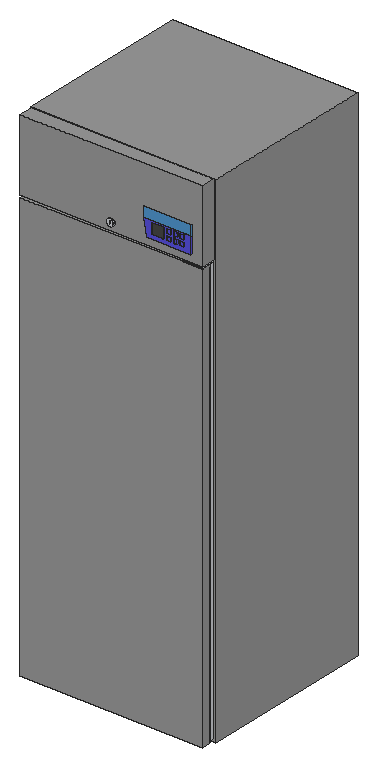
Revit family "Kühlschrank-Tiefkühlung Einfahr - Eigen", category Sonderausstattung, Revit 2015
Parameters (values of type "BR 710 - 770 x 800 x 2100")
  Öffnungssymbol Grundriss [instance] = yes
  Zubehör = ""
  Watt = 450 W
  Wandstärke Oben = 85 mm  # constant formula
  Türen Stärke = 40 mm  # constant formula
  Türen Höhe = Korpus Höhe - Kopfteil Verlängerung - Türabstand Unten - Türabstand Oben  # 1785 mm
  Türen Breite = Breite - Türabstand Rechts - Türabstand Links  # 760 mm
  Türen Anzahl = 1  # constant formula
  Türabstand Rechts = 5 mm  # constant formula
  Türabstand Oben = 10 mm  # constant formula
  Türabstand Links = 5 mm  # constant formula
  Türabstand Unten = 5 mm  # constant formula
  Tür offen [instance] = no
  Tiefe [instance] = Korpus Tiefe + Kopfteil Tiefe  # 800 mm
  Temp. Bereich = "-15°C bis -22°C"
  Spannung = 230 V
  Sockelhöhe = 0 mm  # constant formula
  Wandstärke Seiten = 80 mm  # constant formula
  Scheinleistung = 0 VA
  Wandstärke Hinten = 60 mm  # constant formula
  Pole = 1
  Netzkabellänge = 2500 mm
  Material = Edelstahl AISI 304
  Kältemittel = "R290"
  Kälteleistung = "560W bei -30°C VT/+32°C UT"
  Korpus Tiefe = 740 mm  # constant formula
  Korpus Höhe = 1800 mm  # constant formula
  Kopfteil Verlängerung = 0 mm  # constant formula
  Kopfteil Tiefe = 60 mm  # constant formula
  Kopfteil Höhe = 300 mm  # constant formula
  Kapazität = "720 l"
  Höhe [instance] = Kopfteil Höhe + Korpus Höhe  # 2100 mm
  Hersteller = "CoolCompact"
  Füße Abstand Vorne = 55 mm  # constant formula
  Füße Abstand Seiten = 55 mm  # constant formula
  Füße Abstand Hinten = 55 mm  # constant formula
  Energieverbrauch = "7,8 kWh/24h"
  Energieeffizienzklasse = "F"
  Elektroanschluss Höhe = 1900 mm
  Elektroanschluss Abstand Seite = 250 mm
  Dichtung Stärke = 20 mm  # constant formula
  Breite = 770 mm  # constant formula
  Artikelnr. = "HKMTE71-01"
Reference planes
  plane 1 "Mitte (Vorne/Hinten)": y = 0
  plane 2: z = 0
  plane 3 "Mitte (Links/Rechts)": x = 0
  plane 4 "Wand Innen Links": x = -305
  plane 5: x = -385
  plane 6 "Wand Innen Hinten": y = -60
  plane 7 "Korpus Vorne": y = -740
  plane 8 "Dichtung": y = -760
  plane 9 "Korpus unten": z = 0
  plane 10 "Korpus oben": z = 1800
  plane 11 "Tür Vorderkante": y = -800
  plane 12 "oben": z = 2100
  plane 13 "Wand Innen Rechts": x = 305
  plane 14 "Wand Innen Oben": z = 1715
  plane 15: x = 385
  plane 16 "Tür Oben OK": z = 1790
  plane 17 "Kopfteil Abdeckung unten": z = 1800
  plane 18 "Kopfteil Abdeckung links": x = -380
  plane 19 "Kopfteil Abdeckung rechts": x = 380
  plane 20 "Elektro Höhe": z = 1900
  plane 21 "Elektro Versatz": x = 135
  plane 22 "Schloss": z = 1833
  plane 23 "Display rechts Abstand": x = 334
  plane 24 "Display UK": z = 1830
  plane 25 "Tür Unten Horizontal": z = 897.5
  plane 26 "Display 2 Rechts": x = -100
  plane 27 "Tür Unten UK": z = 5
  plane 28: x = -380
  plane 29: x = 380
  plane 30: x = -330
  plane 31: x = 330
  plane 32: y = -55
  plane 33: y = -685
  plane 34 "Kopfteil Vorne": y = -800
Forms (mm)
  Extrusion 1, solid, material "Edelstahl AISI 304" <- "Material", detail levels medium+fine
    sketch origin (5, 0, 0) x (-1, 0, 0) y (0, -1, 0)
      loop
        line (390, 0) -> (390, 740) -> (-380, 740) -> (-380, 0) -> (390, 0)
    from 2100 to 0
  Extrusion 2, solid, material "Edelstahl AISI 304" <- "Material", detail levels medium+fine
    sketch origin (920.024, 257.913, 0) x (-1, 0, 0) y (0, -1, 0)
      loop
        line (1300.024, 1057.913) -> (540.024, 1057.913) -> (540.024, 997.913) -> (1300.024, 997.913) -> (1300.024, 1057.913)
    from 2100 to 1800
  Extrusion 3, solid, not visible
    sketch origin (0, 0, 0) x (1, 0, 0) y (0, 0, 1)
      loop
        circle (135, 1900) r 20
    from 0 to -1.8
  Extrusion 4, solid, detail levels fine
    sketch origin (0, -800, 0) x (1, 0, 0) y (0, 0, 1)
      loop
        circle (0, 1833) r 14
    from 6 to 0
  Extrusion 5, void
    sketch origin (0, 0, 0) x (1, 0, 0) y (0, 0, 1)
      loop
        line (-1.586, 1839.621) -> (-1.586, 1826.179) -> (1.653, 1826.179) -> (1.653, 1839.621) -> (-1.586, 1839.621)
    from 806 to 800
  Extrusion 6, solid, material "Edelstahl AISI 304" <- "Material", detail levels coarse
    sketch origin (0, 0, 0) x (-1, 0, 0) y (0, -1, 0)
      loop
        line (385, 0) -> (385, 800) -> (-385, 800) -> (-385, 0) -> (385, 0)
    from 2100 to 0
  Extrusion 7, void
    sketch origin (0, 0, 0) x (0, 1, 0) y (0, 0, 1)
      loop
        line (-740, 1715) -> (-740, 0) -> (-60, 0) -> (-60, 1715) -> (-740, 1715)
    from 305 to -305
Cuts and joins
  Extrusion 5, Extrusion 7 cuts Extrusion 1
  Extrusion 5 cuts Extrusion 4
Dimensions and locks
  "Wandstärke Hinten": plane 6 "Wand Innen Hinten" to plane 1 "Mitte (Vorne/Hinten)"
  "Dichtung Stärke": plane 7 "Korpus Vorne" to plane 8 "Dichtung"
  "Korpus Tiefe": plane 7 "Korpus Vorne" to plane 1 "Mitte (Vorne/Hinten)"
  "Wandstärke Seiten": plane 4 "Wand Innen Links" to plane 5
  "Korpus Höhe": plane 10 "Korpus oben" to plane 9 "Korpus unten"
  "Sockelhöhe": plane 9 "Korpus unten" to level
  "Wandstärke Oben": plane 10 "Korpus oben" to plane 14 "Wand Innen Oben"
  "Wandstärke Seiten": plane 15 to plane 13 "Wand Innen Rechts"
  equal spacing: plane 15, plane 3 "Mitte (Links/Rechts)", plane 5
  "Breite": plane 15 to plane 5
  "Kopfteil Höhe": plane 12 "oben" to plane 10 "Korpus oben"
  "Türen Stärke": plane 8 "Dichtung" to plane 11 "Tür Vorderkante"
  locked: plane 15 to plane 19 "Kopfteil Abdeckung rechts" at 5
  locked: plane 18 "Kopfteil Abdeckung links" to plane 5 at 5
  "Elektroanschluss Abstand Seite": plane 15 to plane 21 "Elektro Versatz"
  "Elektroanschluss Höhe": plane 20 "Elektro Höhe" to level
  "Kopfteil Verlängerung": plane 10 "Korpus oben" to plane 17 "Kopfteil Abdeckung unten"
  locked: plane 15 to plane 23 "Display rechts Abstand" at 51
  plane 24 "Display UK" to plane 17 "Kopfteil Abdeckung unten" = 30 mm
  locked: plane 3 "Mitte (Links/Rechts)" to plane 26 "Display 2 Rechts" at 100
  "Türabstand Oben": plane 17 "Kopfteil Abdeckung unten" to plane 16 "Tür Oben OK"
  locked: plane 22 "Schloss" to plane 17 "Kopfteil Abdeckung unten" at 33
  "Türabstand Unten": plane 27 "Tür Unten UK" to plane 9 "Korpus unten"
  equal spacing: plane 16 "Tür Oben OK", plane 25 "Tür Unten Horizontal", plane 27 "Tür Unten UK"
  "Türabstand Links": plane 5 to plane 28
  "Türabstand Rechts": plane 29 to plane 15
  "Füße Abstand Seiten": plane 31 to plane 15
  "Füße Abstand Seiten": plane 5 to plane 30
  "Füße Abstand Hinten": plane 32 to plane 1 "Mitte (Vorne/Hinten)"
  "Füße Abstand Vorne": plane 7 "Korpus Vorne" to plane 33
  "Kopfteil Tiefe": plane 7 "Korpus Vorne" to plane 34 "Kopfteil Vorne"
  aligned and locked: level to plane 2
  aligned and locked: Extrusion 1 to plane 5
  aligned and locked: plane 15 to Extrusion 1
  aligned and locked: plane 12 "oben" to Extrusion 2
  aligned and locked: plane 12 "oben" to Extrusion 1
  aligned and locked: cut or joined group of Extrusion 1, Extrusion 5, Extrusion 7 to plane 9 "Korpus unten"
  aligned and locked: plane 19 "Kopfteil Abdeckung rechts" to Extrusion 2
  aligned and locked: Extrusion 2 to plane 18 "Kopfteil Abdeckung links"
  aligned and locked: plane 7 "Korpus Vorne" to Extrusion 2 sketch curve
  aligned and locked: Extrusion 4 to Extrusion 2
  aligned and locked: Extrusion 4 to Extrusion 5  (x2)
  aligned and locked: plane 23 "Display rechts Abstand" to nested 1
  aligned and locked: Extrusion 2 to plane 17 "Kopfteil Abdeckung unten"
  aligned and locked: plane 12 "oben" to Extrusion 6
  aligned and locked: plane 3 "Mitte (Links/Rechts)" to nested 2
  aligned and locked: nested 2 to plane 7 "Korpus Vorne"
  aligned and locked: plane 14 "Wand Innen Oben" to Extrusion 7 sketch curve
  aligned and locked: Extrusion 7 sketch curve to plane 6 "Wand Innen Hinten"
  aligned and locked: plane 7 "Korpus Vorne" to Extrusion 7 sketch curve
  aligned and locked: plane 13 "Wand Innen Rechts" to Extrusion 7
  aligned and locked: Extrusion 7 to plane 4 "Wand Innen Links"
  aligned and locked: nested 1 to plane 24 "Display UK"
  aligned and locked: nested 2 to plane 27 "Tür Unten UK"
  aligned and locked: plane 11 "Tür Vorderkante" to Extrusion 6 sketch curve
  aligned and locked: plane 34 "Kopfteil Vorne" to nested 1
  aligned and locked: plane 9 "Korpus unten" to Extrusion 7 sketch curve
Automatic sketch dimensions
  Extrusion 3 sketch curve to plane 20 "Elektro Höhe" = 0 mm
  plane 1 "Mitte (Vorne/Hinten)" to Extrusion 1 sketch curve = 0 mm
  Extrusion 1 sketch curve to plane 15 = 0 mm
  Extrusion 1 sketch curve to plane 5 = 0 mm
  Extrusion 1 sketch curve to plane 7 "Korpus Vorne" = 0 mm
  Extrusion 2 sketch curve to plane 19 "Kopfteil Abdeckung rechts" = 0 mm
  Extrusion 2 sketch curve to plane 18 "Kopfteil Abdeckung links" = 0 mm
  Extrusion 5 sketch curve to plane 3 "Mitte (Links/Rechts)" = 1.586 mm
  plane 3 "Mitte (Links/Rechts)" to Extrusion 5 sketch curve = 1.653 mm
  Extrusion 5 sketch curve to plane 22 "Schloss" = 6.821 mm
  plane 22 "Schloss" to Extrusion 5 sketch curve = 6.621 mm
  plane 1 "Mitte (Vorne/Hinten)" to Extrusion 6 sketch curve = 0 mm
  Extrusion 6 sketch curve to plane 15 = 0 mm
  Extrusion 6 sketch curve to plane 5 = 0 mm
  Extrusion 3 sketch curve to plane 21 "Elektro Versatz" = 0 mm
  Extrusion 2 sketch curve to plane 11 "Tür Vorderkante" = 0 mm
  Extrusion 4 sketch curve to plane 3 "Mitte (Links/Rechts)" = 0 mm
  Extrusion 4 sketch curve to plane 22 "Schloss" = 0 mm
  radius of Extrusion 3 sketch curve = 20 mm
  radius of Extrusion 4 sketch curve = 14 mm
Nested families
  nested 1: "Display" at (334, -800, 1830), type "Display", detail levels fine
  nested 2: "Tür einfach" at (0, -740, 5), Tür Breite <- "Türen Breite", Tür Höhe <- "Türen Höhe", Öffnungssymbol Grundriss <- "Öffnungssymbol Grundriss", type "Tür einfach"
    with Öffnungssymbol Grundriss yes, Tür Höhe 1785 mm, Tür Breite 760 mm, Tür offen no, Tür geschlossen yes, Tür Stärke 40 mm, Dichtung Stärke 20 mm
Connectors
  electrical at (135, 1.8, 1900), driven by "Spannung", driven by "Scheinleistung", driven by "Pole"
    settings: on Extrusion 3, index 2, voltage 230 V, apparent load 0 VA, apparent load phase1 0 VA, apparent load phase2 0 VA, apparent load phase3 0 VA, power factor 1, load classification "Sonstige", number of poles 1, system type 31, power factor state 1, is connector primary yes, connector utility no, sub classification motor no, connector description ""
Definition of nested family "Display"
  Reference planes
    plane 1 "Mitte (Vorne/Hinten)": y = 0
    plane 2: z = 0
    plane 3 "Mitte (Links/Rechts)": x = 0
  Forms (mm)
    Extrusion 1, solid
      sketch origin (-997.074, 0, -2442.088) x (-1, 0, 0) y (0, 0, 1)
        loop
          line (-800.829, 2512.088) -> (-997.074, 2512.088) -> (-997.074, 2442.088) -> (-813.204, 2442.088)
          arc (-813.204, 2442.088) -> (-805.589, 2476.836) -> (-800.829, 2512.088) r 436.498
        loop
          line (-833.924, 2502.938) -> (-881.624, 2502.938) -> (-881.624, 2460.238) -> (-833.924, 2460.238) -> (-833.924, 2502.938)
        loop
          line (-897.474, 2503.338) -> (-913.474, 2503.338) -> (-913.474, 2486.338) -> (-897.474, 2486.338) -> (-897.474, 2503.338)
        loop
          line (-923.474, 2503.338) -> (-940.474, 2503.338) -> (-940.474, 2486.338) -> (-923.474, 2486.338) -> (-923.474, 2503.338)
        loop
          line (-949.974, 2503.338) -> (-966.974, 2503.338) -> (-966.974, 2486.338) -> (-949.974, 2486.338) -> (-949.974, 2503.338)
        loop
          line (-896.974, 2460.238) -> (-896.974, 2476.838) -> (-913.974, 2476.838) -> (-913.974, 2460.238) -> (-896.974, 2460.238)
        loop
          line (-923.474, 2460.238) -> (-923.474, 2476.838) -> (-939.974, 2476.838) -> (-939.974, 2460.238) -> (-923.474, 2460.238)
        loop
          line (-950.474, 2460.238) -> (-950.474, 2476.838) -> (-966.974, 2476.838) -> (-966.974, 2460.238) -> (-950.474, 2460.238)
      from 0 to -2
    Extrusion 2, solid
      sketch origin (-273, 0, -1596.8) x (-1, 0, 0) y (0, 0, 1)
        loop
          line (-273, 1706.8) -> (-273, 1666.8) -> (-76.636, 1666.8)
          arc (-76.636, 1666.8) -> (-75.099, 1686.775) -> (-74.479, 1706.8) r 436.9
          line (-74.479, 1706.8) -> (-273, 1706.8)
      from 0 to -2
    Extrusion 3, solid
      sketch origin (-997.074, 0, -2442.088) x (-1, 0, 0) y (0, 0, 1)
        loop
          line (-833.924, 2502.938) -> (-881.624, 2502.938) -> (-881.624, 2460.238) -> (-833.924, 2460.238) -> (-833.924, 2502.938)
      from 0 to -2
    Extrusion 4, solid
      sketch origin (-997.074, 0, -2442.088) x (-1, 0, 0) y (0, 0, 1)
        loop
          line (-897.474, 2503.338) -> (-913.474, 2503.338) -> (-913.474, 2486.338) -> (-897.474, 2486.338) -> (-897.474, 2503.338)
        loop
          line (-896.974, 2476.838) -> (-913.974, 2476.838) -> (-913.974, 2460.238) -> (-896.974, 2460.238) -> (-896.974, 2476.838)
        loop
          line (-923.474, 2460.238) -> (-923.474, 2476.838) -> (-939.974, 2476.838) -> (-939.974, 2460.238) -> (-923.474, 2460.238)
        loop
          line (-923.474, 2486.338) -> (-923.474, 2503.338) -> (-940.474, 2503.338) -> (-940.474, 2486.338) -> (-923.474, 2486.338)
        loop
          line (-949.974, 2503.338) -> (-966.974, 2503.338) -> (-966.974, 2486.338) -> (-949.974, 2486.338) -> (-949.974, 2503.338)
        loop
          line (-950.474, 2476.838) -> (-966.974, 2476.838) -> (-966.974, 2460.238) -> (-950.474, 2460.238) -> (-950.474, 2476.838)
      from 0 to -3
  Dimensions and locks
    locked: Extrusion 1 sketch curve to Extrusion 1 sketch curve at 9.15
    locked: Extrusion 1 sketch curve to Extrusion 1 sketch curve at 18.15
    locked: Extrusion 1 sketch curve to Extrusion 1 sketch curve at 16.6
    locked: Extrusion 1 sketch curve to Extrusion 1 sketch curve at 17
    Extrusion 1 sketch curve to Extrusion 1 sketch curve to Extrusion 1 sketch curve to Extrusion 1 sketch curve to Extrusion 1 sketch curve to Extrusion 1 sketch curve to Extrusion 1 sketch curve to Extrusion 1 sketch curve to Extrusion 1 sketch curve = 47.7 mm locked, 15.35 mm locked, 17 mm locked, 9.5 mm locked, 16.5 mm locked, 10.5 mm locked, 16.5 mm locked, 30.1 mm locked
    aligned and locked: level to plane 2
    aligned and locked: Extrusion 1 sketch curve to Extrusion 1 sketch curve  (x7)
    aligned and locked: Extrusion 3 sketch curve to Extrusion 1  (x4)
    aligned and locked: Extrusion 4 sketch curve to Extrusion 1  (x14)
    aligned and locked: Extrusion 1 to Extrusion 4 sketch curve
Definition of nested family "Tür einfach"
  Parameters (values of type "Tür einfach")
    Öffnungssymbol Grundriss [instance] = yes
    Tür offen = yes
    Tür geschlossen = not(Tür offen)  # no
    Tür Stärke = 56.7 mm
    Tür Höhe [instance] = 1393 mm
    Tür Breite [instance] = 635 mm
    Material = none
    Dichtung Stärke = 13.3 mm
  Reference planes
    plane 1 "Mitte (Vorne/Hinten)": y = 0
    plane 2: z = 0
    plane 3 "Mitte (Links/Rechts)": x = 0
    plane 4: y = -13.3
    plane 5: y = -70
    plane 6: x = 317.5
    plane 7: x = -317.5
    plane 8: z = 1393
    plane 9: z = 696.5
    plane 10: x = -289.5
    plane 11: x = 289.5
    plane 12: z = 1365
    plane 13: z = 28
    plane 14 "Scharnier Abstand rechts": x = 312.5
    plane 15 "Breite Scharnier": x = 237.5
  Forms (mm)
    Extrusion 1, solid, material <- "Material", visible <- "Tür geschlossen", detail levels medium+fine
      sketch origin (-3470.714, 1189.29, 150) x (-1, 0, 0) y (0, -1, 0)
        loop
          arc (-3787.314, 1259.29) -> (-3787.951, 1259.026) -> (-3788.214, 1258.39) r 0.9
          line (-3788.214, 1258.39) -> (-3788.214, 1203.49)
          arc (-3788.214, 1203.49) -> (-3787.951, 1202.854) -> (-3787.314, 1202.59) r 0.9
          line (-3787.314, 1202.59) -> (-3703.063, 1202.59) -> (-3153.214, 1202.59) -> (-3153.214, 1259.29) -> (-3787.314, 1259.29)
      from -150 to 1243
    Extrusion 2, solid, visible <- "Tür geschlossen", detail levels medium+fine
      sketch origin (0, 0, 0) x (1, 0, 0) y (0, 0, 1)
        loop
          line (283, 1358.5) -> (-283, 1358.5) -> (-283, 34.5) -> (283, 34.5) -> (283, 1358.5)
        loop
          line (-312.5, 1388) -> (-312.5, 5) -> (312.5, 5) -> (312.5, 1388) -> (-312.5, 1388)
      from 0 to 13.3
    Extrusion 3, solid, detail levels fine
      sketch origin (0, 0, 0) x (1, 0, 0) y (0, 0, 1)
        loop
          line (312.5, 1393) -> (312.5, 1397) -> (237.5, 1397) -> (237.5, 1393) -> (312.5, 1393)
      from 0 to 70
    Extrusion 4, solid, material <- "Material", visible <- "Tür offen", detail levels medium+fine
      sketch origin (1789.979, -3704.916, 150) x (0.642788, -0.766044, 0) y (0.766044, 0.642788, 0)
        loop
          arc (-3787.314, 1249.29) -> (-3787.951, 1249.026) -> (-3788.214, 1248.39) r 0.9
          line (-3788.214, 1248.39) -> (-3788.214, 1210.19)
          arc (-3788.214, 1210.19) -> (-3787.951, 1209.554) -> (-3787.314, 1209.29) r 0.9
          line (-3787.314, 1209.29) -> (-3703.063, 1209.29) -> (-3153.214, 1209.29) -> (-3153.214, 1249.29) -> (-3787.314, 1249.29)
      from -150 to 1243
    Extrusion 5, solid, visible <- "Tür offen", detail levels medium+fine
      sketch origin (773.005, -611.612, 246) x (-0.642788, 0.766044, 0) y (0, 0, -1)
        loop
          line (164.408, -1112.5) -> (730.408, -1112.5) -> (730.408, 211.5) -> (164.408, 211.5) -> (164.408, -1112.5)
        loop
          line (759.908, -1142) -> (759.908, 241) -> (134.908, 241) -> (134.908, -1142) -> (759.908, -1142)
      from 0 to 20
  Lines and regions (mm)
    symbolic lines, visible <- "Öffnungssymbol Grundriss"
      curve 1: line (317.5, -70, 0) -> (317.5, -705, 0)
    symbolic lines, visible <- "Öffnungssymbol Grundriss", detail levels medium+fine
      curve 2: arc (317.5, -705, 0) -> (-131.513, -519.013, 0) -> (-317.5, -70, 0) r 635
    symbolic lines, visible <- "Öffnungssymbol Grundriss", detail levels coarse
      curve 3: line (317.5, -705, 0) -> (-317.5, -70, 0)
  Dimensions and locks
    equal spacing: plane 7, plane 3 "Mitte (Links/Rechts)", plane 6
    "Tür Breite": plane 7 to plane 6
    "Dichtung Stärke": plane 4 to plane 1 "Mitte (Vorne/Hinten)"
    "Tür Stärke": plane 4 to plane 5
    "Tür Höhe": plane 8 to plane 2
    equal spacing: plane 8, plane 9, plane 2
    plane 8 to plane 12 = 28 mm
    plane 10 to plane 7 = 28 mm
    plane 11 to plane 6 = 28 mm
    plane 13 to plane 2 = 28 mm
    locked: plane 14 "Scharnier Abstand rechts" to plane 6 at 5
    locked: plane 15 "Breite Scharnier" to plane 14 "Scharnier Abstand rechts" at 75
    Extrusion 2 sketch curve to plane 10 to Extrusion 2 sketch curve = 6.5 mm locked, 23 mm locked
    Extrusion 2 sketch curve to plane 12 to Extrusion 2 sketch curve = 23 mm locked, 6.5 mm locked
    Extrusion 2 sketch curve to plane 11 to Extrusion 2 sketch curve = 6.5 mm locked, 23 mm locked
    Extrusion 2 sketch curve to plane 13 to Extrusion 2 sketch curve = 6.5 mm locked, 23 mm locked
    Extrusion 5 sketch curve to Extrusion 5 sketch curve = 29.5 mm  (x4)
    locked: Extrusion 5 sketch curve to Extrusion 5 sketch curve at 29.5  (x2)
    "Tür Breite": Extrusion 4 to Extrusion 4
    aligned and locked: level to plane 2
    aligned and locked: plane 5 to Extrusion 1 sketch curve
    aligned and locked: Extrusion 1 sketch curve to plane 4
    aligned and locked: Extrusion 1 sketch curve to plane 6
    aligned and locked: Extrusion 1 to level
    aligned and locked: plane 8 to Extrusion 1
    aligned and locked: Extrusion 2 to plane 4
    aligned and locked: plane 14 "Scharnier Abstand rechts" to Extrusion 3 sketch curve
    aligned and locked: plane 15 "Breite Scharnier" to Extrusion 3 sketch curve
    aligned and locked: plane 8 to Extrusion 3 sketch curve
    aligned and locked: Extrusion 3 to plane 5
    aligned and locked: Extrusion 2 to Extrusion 3
    aligned and locked: Extrusion 1 to plane 7
    aligned and locked: plane 8 to Extrusion 4
  Automatic sketch dimensions
    Extrusion 1 sketch curve to plane 7 = 0 mm
    Extrusion 1 sketch curve to Extrusion 1 sketch curve = 0.9 mm
    Extrusion 1 sketch curve to plane 6 = 0.9 mm
    Extrusion 1 sketch curve to plane 15 "Breite Scharnier" = 5.152 mm
    Extrusion 3 sketch curve to Extrusion 3 sketch curve = 4 mm
    plane 1 "Mitte (Vorne/Hinten)" to Extrusion 4 sketch curve = 0.525 mm
    plane 14 "Scharnier Abstand rechts" to Extrusion 4 sketch curve = 1.216 mm
    Extrusion 4 sketch curve to Extrusion 4 sketch curve = 0.9 mm  (x2)
    Extrusion 4 sketch curve to Extrusion 4 sketch curve = 84.252 mm
    Extrusion 4 sketch curve to Extrusion 4 sketch curve = 549.848 mm
    Extrusion 4 sketch curve to Extrusion 4 sketch curve = 38.2 mm
    Extrusion 5 sketch curve to Extrusion 4 = 5 mm
    Extrusion 5 sketch curve to Extrusion 4 = 50.652 mm
    Extrusion 4 to Extrusion 5 sketch curve = 5 mm
    Extrusion 4 to Extrusion 5 sketch curve = 34.5 mm
    curve 3 to plane 5 = 0 mm
    curve 3 to plane 7 = 0 mm
    curve 3 to plane 6 = 0 mm
    curve 1 to plane 5 = 0 mm
